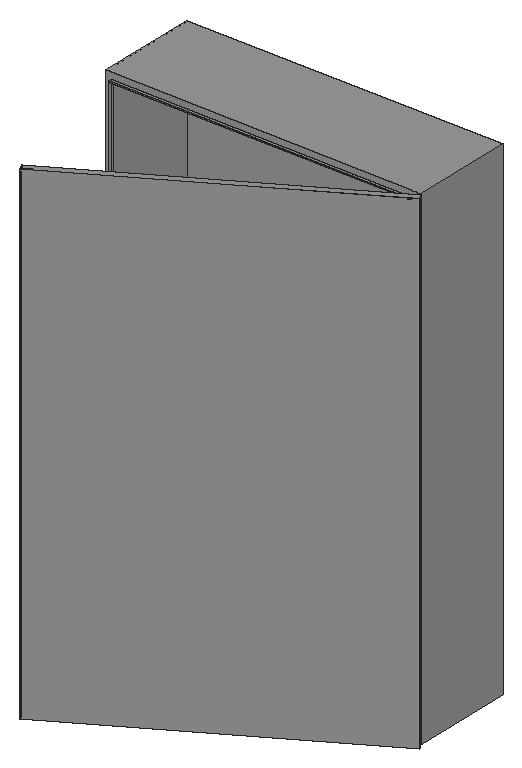
Revit family "Hager-Univers-IP55-D275-H1250-Cl.II-Steel_encl-NoHosted-AT-de", category Equipement électrique, Revit 2020
Family settings
  Configuration du panneau = Deux colonnes, circuits au sein
  Cote de connecteur circulaire = Utiliser le diamètre
  Type d'élément = Tableau de raccordement
  Basée sur le plan de construction = Oui
  Toujours verticalement = Oui
  Couper avec des vides une fois chargée = Non
  Partagée = Non
  Point de calcul de pièce = Non
Parameters (values of type "Aufputz IP55 B800 H1250 T275  - FR83S")
  Width Control [instance] = if([EF000008 - Breite] > Min Width, [EF000008 - Breite], Min Width)  # 800 mm
  Commentaires du type = [HG000003 - Bereich]  # "Univers"
  Thickness Door [instance] = if([EF009171 - Materialstärke Tür/Deckel] > 3 mm, 3 mm, [EF009171 - Materialstärke Tür/Deckel])  # 1.5 mm
  Seal Frame Offset [instance] = 17 mm  # constant formula
  Plinth Visibility [instance] = [HG000027 - Sockelhöhe] > 0 mm  # no
  Min Width [instance] = 100 mm  # constant formula
  Min Depth [instance] = (2 * [EF009170 - Materialstärke Gehäuse]) + 1 mm  # 4 mm
  Min Height [instance] = 100 mm  # constant formula
  Internal Frame Depth [instance] = (Door System Depth * 0.5)  # 9 mm
  Panel Name [instance] = ""  # (empty or 0)
  Model = ""
  HG000027 - Sockelhöhe = 0 mm
  HG000026 - Stehend auf dem Boden = no
  HG000024 - Höhe des unteren Teils = 600 mm
  HG000023 - Gehäuse mit doppeltem Querschnitt = no
  HG000016 - 3D-Türsichtbarkeit [instance] = yes
  HG000015 - Sichtbarkeit der Türöffnung [instance] = no
  HG000014 - Tür rechts [instance] = yes
  HG000013 - Tür links [instance] = not([HG000014 - Tür rechts])  # no
  HG000012 - Türschwenkwinkel [instance] = 30.00°
  HG000010 - Asymmetrische Türen = no
  HG000009 - Doppelflügeligen Tür = no
  HG000006 - Unterputz = no
  HG000004 - Herstellerreferenz = "FR83S"
  HG000003 - Bereich = "Univers"
  HG000002 - Mit tür = yes
  Frame Offset Bottom [instance] = 10 mm  # constant formula
  Frame Offset [instance] = 15 mm  # constant formula
  EF015940 - Deckel mit Überdruckentlastung = no
  EF011959 - Schutzart (NEMA) = ""
  EF009554 - Anzahl der Öffnungen für Flanschplatten = 6
  EF009212 - Ausführung Deckel = "EV000116 - geschlossen"
  EF009171 - Materialstärke Tür/Deckel = 1.5 mm
  EF009170 - Materialstärke Gehäuse = 1.5 mm
  EF008873 - Nennstrom (In) = 800 A
  EF007800 - Geeignet für Blitzschutz = no
  EF006306 - Mit Schloss = no
  EF006244 - Transparenter Deckel/Tür = no
  EF005474 - Schutzart (IP) = "EV006420 - IP55"
  EF004464 - Art der Tür = "EV002646 - Einzel"
  EF004427 - Anzahl der Module = 288
  EF004293 - Schlagfestigkeit = "EV008784 - IK10"
  EF003532 - Geeignet für Außengebrauch = no
  EF002950 - Breite in Teilungseinheiten = 24
  EF001613 - Funktionserhalt = "EV000494 - ohne"
  EF001596 - Werkstoff des Gehäuses = "EV000179 - Stahl"
  EF001131 - Innentiefe = 275 mm
  EF001088 - Anbaumöglichkeit = yes
  EF000437 - Anzahl der Leitungseinführungen = 6
  EF000339 - Art der Abdeckung = "EV004216 - Tür"
  EF000266 - Anzahl der Reihen = 8
  EF000218 - Einbautiefe = 0 mm
  EF000118 - Mit Montageplatte = no
  EF000116 - RAL-Nummer = "7035"
  EF000049 - Tiefe = 275 mm
  EF000040 - Höhe = 1250 mm
  EF000008 - Breite = 800 mm
  EF000007 - Farbe = "EV000270 - grau"
  EF000003 - Montageart = "EV000384 - Aufputz"
  Door System Leaf Tolerance [instance] = 1.5 mm  # constant formula
  Door System Depth [instance] = 18 mm  # constant formula
  Door Height [instance] = Height Control - [HG000027 - Sockelhöhe]  # 1250 mm
  Description = ""
  Default Elevation = 1219.2 mm
  Connector Offset [instance] = Height Control / 2  # 625 mm
  Fabricant = "Hager"  # constant formula
  Height Control [instance] = if([EF000040 - Höhe] > Min Height, [EF000040 - Höhe], Min Height)  # 1250 mm
  Depth Control [instance] = if([EF000049 - Tiefe] > Min Depth, [EF000049 - Tiefe], Min Depth)  # 275 mm
  Bottom Top Plate Trim [instance] = 1.5 mm  # constant formula
  Plinth height Ctrl [instance] = if([HG000027 - Sockelhöhe] > 0 mm, [HG000027 - Sockelhöhe], 12 mm)  # 12 mm
Types (5, lengths in mm): name | Width Control | HG000010 - Asymmetrische Türen | HG000009 - Doppelflügeligen Tür | HG000004 - Herstellerreferenz | EF009554 - Anzahl der Öffnungen für Flanschplatten | EF004464 - Art der Tür | EF004427 - Anzahl der Module | EF000437 - Anzahl der Leitungseinführungen | EF000008 - Breite
  Aufputz IP55 B1050 H1250 T275  - FR84S | 1050 | no | yes | "FR84S" | 8 | "EV003602 - Doppel" | 384 | 8 | 1050
  Aufputz IP55 B1300 H1250 T275  - FR85S | 1300 | yes | yes | "FR85S" | 10 | "EV003602 - Doppel" | 480 | 10 | 1300
  Aufputz IP55 B300 H1250 T275  - FR81S | 300 | no | no | "FR81S" | 2 | "EV002646 - Einzel" | 96 | 2 | 300
  Aufputz IP55 B550 H1250 T275  - FR82S | 550 | no | no | "FR82S" | 4 | "EV002646 - Einzel" | 192 | 4 | 550
  Aufputz IP55 B800 H1250 T275  - FR83S | 800 | no | no | "FR83S" | 6 | "EV002646 - Einzel" | 288 | 6 | 800
Reference planes
  plane 1 "Center (Front/Back)": y = 0
  plane 2: z = 0
  plane 3 "Center (Left/Right)": x = 0
  plane 4: y = 0
  plane 5: y = 0
  plane 6: z = 0
  plane 7: x = -400
  plane 8: x = 400
  plane 9: x = 398.5
  plane 10: x = -398.5
  plane 11: z = 0
  plane 12: z = 1.5
  plane 13: y = -275
  plane 14: y = -1.5
  plane 15: x = 0
  plane 16: y = -257
  plane 17: y = -273.5
  plane 18: y = -255.5
  plane 19: x = -383.5
  plane 20: x = 383.5
  plane 21: z = 11.5
  plane 22: x = -383
  plane 23: x = 383
  plane 24: z = 0
  plane 25: z = 1250
  plane 26: z = 1250
  plane 27: z = 1233.5
  plane 28: z = 1248.5
Forms (mm)
  Extrusion 1, solid, material "Hager_Steel_RAL7035_Light_Grey", detail levels medium+fine
    sketch origin (-208.679, -4572, 0) x (-1, 0, 0) y (0, -1, 0)
      loop
        line (191.321, -4315) -> (-608.679, -4315) -> (-608.679, -4572) -> (191.321, -4572) -> (191.321, -4315)
    from 0 to 1250
  Extrusion 2, void
    sketch origin (-350.771, -275, 1219.2) x (1, 0, 0) y (0, 0, 1)
      loop
        line (-47.729, 29.3) -> (-47.729, -1217.7) -> (749.271, -1217.7) -> (749.271, 29.3) -> (-47.729, 29.3)
    from -19.5 to -273.5
  Extrusion 3, void
    sketch origin (-290.084, -257, 1219.2) x (1, 0, 0) y (0, 0, 1)
      loop
        line (-93.416, -1207.7) -> (673.584, -1207.7) -> (673.584, 14.3) -> (-93.416, 14.3) -> (-93.416, -1207.7)
    from 0 to -1.5
  Extrusion 4, solid, material "Hager_Steel_RAL7035_Light_Grey", visible <- "Plinth Visibility", detail levels medium+fine
    sketch origin (0, 0, 0) x (1, 0, 0) y (0, 1, 0)
      loop
        line (-400, 0) -> (-400, -257) -> (400, -257) -> (400, 0) -> (-400, 0)
    from 0 to 12 <- "Plinth height Ctrl"
  Extrusion 5, solid, material "Hager_Steel_RAL7035_Light_Grey", detail levels coarse
    sketch origin (0, 0, 0) x (1, 0, 0) y (0, 1, 0)
      loop
        line (-400, 0) -> (-400, -275) -> (400, -275) -> (400, 0) -> (-400, 0)
    from 0 to 1250 <- "Height Control"
  Sweep 6, void
    path in 3D
      loop
        line (-400, -257, 12) -> (400, -257, 12) -> (400, 0, 12) -> (-400, 0, 12) -> (-400, -257, 12)
    profile origin (-400, -128.5, 12) x (1, 0, 0) y (0, 0, 1)
      loop
        line (0, 0) -> (0, -1.5) -> (1.5, -1.5)
        arc (1.5, -1.5) -> (1.061, -0.439) -> (0, 0) r 1.5
  Extrusion 7, solid, material "Hager_Steel_RAL7035_Light_Grey", detail levels fine
    sketch origin (-400, -257, 0) x (1, 0, 0) y (0, 0, 1)
      loop
        line (16.5, 11.5) -> (783.5, 11.5) -> (783.5, 1233.5) -> (16.5, 1233.5) -> (16.5, 11.5)
      loop
        line (15, 10) -> (785, 10) -> (785, 1235) -> (15, 1235) -> (15, 10)
    from 0 to 9 <- "Internal Frame Depth"
Cuts and joins
  Extrusion 2, Extrusion 3 cuts Extrusion 1
  Sweep 6 cuts Extrusion 4
Lines and regions (mm)
  Masking region 1
    outline origin (0, 0, 0) x (1, 0, 0) y (0, 1, 0)
      loop
        line (-400, 0) -> (-400, -275) -> (400, -275) -> (400, 0) -> (-400, 0)
  Masking region 2, detail levels coarse
    outline origin (-290.084, -257, 1219.2) x (-1, 0, 0) y (0, 0, 1)
      loop
        line (-690.084, -1219.2) -> (109.916, -1219.2) -> (109.916, 30.8) -> (-690.084, 30.8) -> (-690.084, -1219.2)
  Masking region 3, detail levels coarse
    outline origin (0, 0, 0) x (0, 1, 0) y (0, 0, 1)
      loop
        line (0, 0) -> (0, 1250) -> (-275, 1250) -> (-275, 0) -> (0, 0)
  Masking region 4, visible <- "Plinth Visibility", detail levels medium+fine
    outline origin (0, 0, 0) x (0, 1, 0) y (0, 0, 1)
      loop
        line (-1.5, 12) -> (-255.5, 12)
        arc (-255.5, 12) -> (-255.939, 10.939) -> (-257, 10.5) r 1.5
        line (-257, 10.5) -> (-257, 0) -> (0, 0) -> (0, 10.5)
        arc (0, 10.5) -> (-1.061, 10.939) -> (-1.5, 12) r 1.5
  Masking region 5, detail levels medium+fine
    outline origin (0, 0, 594.038) x (0, 1, 0) y (0, 0, 1)
      loop
        line (0, -594.038) -> (0, 655.962) -> (-257, 655.962) -> (-257, -594.038) -> (0, -594.038)
  Masking region 6, detail levels medium+fine
    outline origin (-359.7, -257, 1211.883) x (-1, 0, 0) y (0, 0, 1)
      loop
        line (-759.7, -1211.883) -> (40.3, -1211.883) -> (40.3, 38.117) -> (-759.7, 38.117) -> (-759.7, -1211.883)
  Masking region 7, visible <- "Plinth Visibility", detail levels medium+fine
    outline origin (-320.334, -257, 1041.368) x (-1, 0, 0) y (0, 0, 1)
      loop
        line (-720.334, -1041.368) -> (79.666, -1041.368) -> (79.666, -1030.868)
        arc (79.666, -1030.868) -> (78.606, -1030.429) -> (78.166, -1029.368) r 1.5
        line (78.166, -1029.368) -> (-718.834, -1029.368)
        arc (-718.834, -1029.368) -> (-719.273, -1030.429) -> (-720.334, -1030.868) r 1.5
        line (-720.334, -1030.868) -> (-720.334, -1041.368)
  sketch lines
    curve 1: line (-400, 0, 12) -> (-400, -257, 12)
    curve 2: line (-400, -257, 12) -> (400, -257, 12)
    curve 3: line (400, 0, 12) -> (-400, 0, 12)
    curve 4: line (400, -257, 12) -> (400, 0, 12)
Dimensions and locks
  locked: plane 1 "Center (Front/Back)" to plane 5
  "EF009170 - Materialstärke Gehäuse": plane 7 to plane 10
  "EF009170 - Materialstärke Gehäuse": plane 8 to plane 9
  equal spacing: plane 7, plane 3 "Center (Left/Right)", plane 8
  "Width Control": plane 7 to plane 8
  "Depth Control": plane 4 to plane 13
  "EF009170 - Materialstärke Gehäuse": plane 4 to plane 14
  "Height Control": plane 25 to level
  "HG000027 - Sockelhöhe": plane 11 to level
  "EF009170 - Materialstärke Gehäuse": plane 12 to plane 11
  "EF009170 - Materialstärke Gehäuse": plane 17 to plane 13
  "EF009170 - Materialstärke Gehäuse": plane 18 to plane 16
  "Frame Offset Bottom": plane 21 to plane 12
  "Frame Offset": plane 10 to plane 19
  "Frame Offset": plane 9 to plane 20
  "Door System Depth": plane 16 to plane 13
  "Seal Frame Offset": plane 7 to plane 22
  "Seal Frame Offset": plane 8 to plane 23
  "EF009170 - Materialstärke Gehäuse": plane 26 to plane 28
  "Frame Offset": plane 28 to plane 27
  "Connector Offset": plane 2 to connector elem
  "Bottom Top Plate Trim": profile plane to Sweep 6 sketch curve
  "Bottom Top Plate Trim": Sweep 6 sketch curve to Sweep 6 sketch curve
  "Plinth height Ctrl": Masking region 4 sketch curve to level
  "Plinth height Ctrl": Masking region 7 sketch curve to level
  "Thickness Door": Extrusion 7 sketch curve to Extrusion 7 sketch curve  (x4)
  "Bottom Top Plate Trim": radius of Sweep 6 sketch curve
  "Bottom Top Plate Trim": radius of Masking region 4 sketch curve  (x2)
  "Bottom Top Plate Trim": radius of Masking region 7 sketch curve  (x2)
  aligned and locked: Extrusion 2 sketch curve to plane 12
  aligned and locked: Extrusion 2 sketch curve to plane 9
  aligned and locked: Extrusion 2 sketch curve to plane 10
  aligned and locked: Extrusion 2 to plane 14
  aligned and locked: Extrusion 1 sketch curve to plane 4
  aligned and locked: plane 8 to Extrusion 1 sketch curve
  aligned and locked: plane 7 to Extrusion 1 sketch curve
  aligned and locked: Extrusion 2 to plane 18
  aligned and locked: Extrusion 3 sketch curve to plane 19
  aligned and locked: plane 20 to Extrusion 3 sketch curve
  aligned and locked: Extrusion 3 to Extrusion 2
  aligned and locked: Extrusion 3 sketch curve to plane 21
  aligned and locked: plane 3 "Center (Left/Right)" to nested 1
  aligned and locked: Extrusion 1 sketch curve to plane 16
  aligned and locked: Extrusion 4 sketch curve to cut or joined group of Extrusion 1, Extrusion 2, Extrusion 3
  aligned and locked: Masking region 1 sketch curve to plane 7
  aligned and locked: Masking region 1 sketch curve to plane 5
  aligned and locked: Masking region 1 sketch curve to plane 8
  aligned and locked: Masking region 2 sketch curve to level
  aligned and locked: level to Masking region 3 sketch curve
  aligned and locked: plane 1 "Center (Front/Back)" to Masking region 3 sketch curve
  aligned and locked: plane 13 to Masking region 3 sketch curve
  aligned and locked: plane 5 to Masking region 4 sketch curve
  aligned and locked: Masking region 2 sketch curve to plane 8
  aligned and locked: Masking region 2 sketch curve to plane 7
  aligned and locked: plane 7 to nested 2
  aligned and locked: nested 2 to plane 5
  aligned and locked: plane 5 to Masking region 5 sketch curve
  aligned and locked: plane 26 to Masking region 5 sketch curve
  aligned and locked: Extrusion 5 sketch curve to plane 8
  aligned and locked: Extrusion 5 sketch curve to plane 7
  aligned and locked: Extrusion 5 sketch curve to plane 5
  aligned and locked: Extrusion 3 sketch curve to plane 27
  aligned and locked: Extrusion 2 sketch curve to plane 28
  aligned and locked: Masking region 2 to plane 25
  aligned and locked: Extrusion 4 to plane 16
  aligned and locked: profile plane to Sweep 6 sketch curve
  aligned and locked: Masking region 5 sketch curve to plane 24
  aligned and locked: level to Masking region 4 sketch curve
  aligned and locked: Masking region 1 to plane 13
  aligned and locked: nested 1 to plane 16
  aligned and locked: Masking region 3 to plane 25
  aligned and locked: plane 16 to Masking region 4 sketch curve
  aligned and locked: Masking region 5 sketch curve to plane 16
  aligned and locked: plane 24 to plane 11
  aligned and locked: plane 26 to plane 25
  aligned and locked: plane 26 to cut or joined group of Extrusion 1, Extrusion 2, Extrusion 3
  aligned and locked: nested 1 to plane 24
  aligned and locked: Extrusion 1 to Extrusion 3
  aligned and locked: Masking region 6 sketch curve to plane 8
  aligned and locked: Masking region 6 sketch curve to plane 24
  aligned and locked: Masking region 6 sketch curve to plane 7
  aligned and locked: Masking region 6 sketch curve to plane 26
  aligned and locked: Masking region 7 sketch curve to plane 7
  aligned and locked: level to Masking region 7 sketch curve
  aligned and locked: Masking region 7 sketch curve to plane 8
  aligned and locked: Extrusion 7 sketch curve to cut or joined group of Extrusion 1, Extrusion 2, Extrusion 3  (x4)
Automatic sketch dimensions
  plane 19 to Extrusion 3 sketch curve = 0 mm
  Extrusion 3 sketch curve to plane 20 = 0 mm
  Extrusion 3 sketch curve to plane 21 = 0 mm
  Extrusion 4 sketch curve to plane 7 = 0 mm
  Extrusion 4 sketch curve to plane 8 = 0 mm
  Extrusion 4 sketch curve to plane 16 = 0 mm
  Masking region 1 sketch curve to plane 13 = 0 mm
  Masking region 2 sketch curve to plane 25 = 0 mm
  Masking region 3 sketch curve to plane 25 = 0 mm
  Extrusion 5 sketch curve to plane 13 = 0 mm
  profile plane to Sweep 6 sketch curve = 0 mm
Nested families
  nested 1: "EC000058_Univers_Door" at (0, -257, 0), Double <- "HG000009 - Doppelflügeligen Tür", Transparent <- "EF006244 - Transparenter Deckel/Tür", Angle <- "HG000012 - Türschwenkwinkel", Door_Right <- "HG000014 - Tür rechts", Assymetrical <- "HG000010 - Asymmetrische Türen", Door <- "HG000002 - Mit tür", Width_Ctrl <- "Width Control", 3d_Door <- "HG000016 - 3D-Türsichtbarkeit", Clearance <- "HG000015 - Sichtbarkeit der Türöffnung", Door_Left <- "HG000013 - Tür links", Width <- "Width Control", Door_Depth <- "Door System Depth", Leaf_Tolerance <- "Door System Leaf Tolerance", Height <- "Door Height", Lock_Visibility <- "EF006306 - Mit Schloss", Thickness <- "Thickness Door", type "EC000058_Univers_Door", detail levels medium+fine
    with min_wh 4 mm, Width_Ctrl 800 mm, Width 800 mm, Transparent no, Thickness 1.5 mm, Seal_Material Hager_Rubber, Lock_Visibility no, Lock_Material Hager_Plastic_RAL9005_Jet_Black, Leaf_Width 800 mm, Leaf_Tolerance_External_Sides 0 mm, Leaf_Tolerance 1.5 mm, Leaf_Offset 0 mm, Leaf_Height 1247 mm, Leaf_2_Width 800 mm, Leaf_2_Offset 400 mm, Leaf_1_Width 800 mm, Leaf_1_Offset 400 mm, Height_Ctrl 1250 mm, Height 1250 mm, Glass_Material Hager_Glass, Double_Clearance_Ctrl no, Double no, Door_Right_Ctrl yes, Door_Right yes, Door_Material Hager_Steel_RAL7035_Light_Grey, Door_Left_Ctrl no, Door_Left no, Door_Depth 18 mm, Door yes, Clearance_Material Hager_Clearance, Clearance_Depth 800 mm, Clearance_Ctrl no, Clearance no, Assymetrical no, Angle 30.00°, 3d_Door yes
  nested 2: "Hager_Enclosure_Symbol" at (-400, 0, 0), Height <- "Depth Control", Width <- "Width Control", type "Hager_Enclosure_Symbol"
    with Width_Ctrl 800 mm, Width 800 mm, Height_Ctrl 275 mm, Height 275 mm, A_Width_Int 18.047 mm, A_Width 216.562 mm, A_Height_Ctrl 240.625 mm, A_Height 240.625 mm
Connectors
  electrical at (0, 0, 625)
    settings: on plane 1 "Center (Front/Back)", index 1, voltage 0 V, apparent load 0 VA, apparent load phase1 0 VA, apparent load phase2 0 VA, apparent load phase3 0 VA, power factor 1, load classification "Other", number of poles 1, system type 30, power factor state 1, is connector primary yes, connector utility no, sub classification motor no, connector description ""
Definition of nested family "EC000058_Univers_Door"
  Parameters (values of type "EC000058_Univers_Door")
    min_wh [instance] = (2 * Thickness) + 1 mm  # 11 mm
    Width_Ctrl [instance] = 400 mm
    Width [instance] = 500 mm
    Transparent [instance] = yes
    Thickness [instance] = 5 mm
    Seal_Material [instance] = none
    Lock_Visibility [instance] = yes
    Lock_Material [instance] = none
    Leaf_Width [instance] = if((Width_Ctrl - 2 * Leaf_Tolerance_External_Sides) > 0 mm, (Width_Ctrl - 2 * Leaf_Tolerance_External_Sides), min_wh)  # 400 mm
    Leaf_Tolerance_External_Sides [instance] = 0 mm  # constant formula
    Leaf_Tolerance [instance] = 1.5 mm
    Leaf_Offset [instance] = 0 mm  # constant formula
    Leaf_Height [instance] = if((Height_Ctrl - 2 * Leaf_Tolerance) > 0 mm, (Height_Ctrl - 2 * Leaf_Tolerance), min_wh)  # 497 mm
    Leaf_2_Width [instance] = if(and(and(Double, Assymetrical), Door_Left), (Leaf_Width / 3) - (Leaf_Tolerance / 2), if(and(and(Double, Assymetrical), Door_Right), (Leaf_Width / 3) * 2 - (Leaf_Tolerance / 2), if(and(Double, not(Assymetrical)), (Leaf_Width / 2) - Leaf_Tolerance, Leaf_Width)))  # 400 mm
    Leaf_2_Offset [instance] = if(and(Double, Assymetrical), Leaf_2_Width / 2, if(and(Double, not(Assymetrical)), Leaf_Width / 4, Leaf_Width / 2))  # 200 mm
    Leaf_1_Width [instance] = if(and(and(Double, Assymetrical), Door_Right), (Leaf_Width / 3) - (Leaf_Tolerance / 2), if(and(and(Double, Assymetrical), Door_Left), (Width / 3) * 2 - (Leaf_Tolerance / 2), if(and(Double, not(Assymetrical)), (Leaf_Width / 2) - Leaf_Tolerance, Leaf_Width)))  # 400 mm
    Leaf_1_Offset [instance] = if(and(Double, Assymetrical), Leaf_1_Width / 2, if(and(Double, not(Assymetrical)), Leaf_Width / 4, Leaf_Width / 2))  # 200 mm
    Height_Ctrl [instance] = if(Height > min_wh, Height, min_wh)  # 500 mm
    Height [instance] = 500 mm
    Glass_Material [instance] = none
    Double_Clearance_Ctrl [instance] = and(Double, Clearance)  # no
    Double [instance] = no
    Door_Right_Ctrl [instance] = and(or(Door_Right, Double), Door)  # yes
    Door_Right [instance] = yes
    Door_Material [instance] = none
    Door_Left_Ctrl [instance] = and(or(Door_Left, Double), Door)  # no
    Door_Left [instance] = no
    Door_Depth [instance] = 30 mm
    Door [instance] = yes
    Default Elevation = 1219.2 mm
    Clearance_Material [instance] = none
    Clearance_Depth [instance] = if(Leaf_1_Width > Leaf_2_Width, Leaf_1_Width, Leaf_2_Width)  # 400 mm
    Clearance_Ctrl [instance] = and(not(Double), Clearance)  # yes
    Clearance [instance] = yes
    Assymetrical [instance] = yes
    Angle [instance] = 30.00°
    3d_Door [instance] = yes
  Reference planes
    plane 1 "Center (Front/Back)": y = 0
    plane 2 "Bottom": z = 0
    plane 3 "Center (Left/Right)": x = 0
    plane 4: z = 500
    plane 5: x = -200
    plane 6: x = 200
    plane 7: z = 500
    plane 8: x = -200
    plane 9: z = 0
    plane 10: x = 200
    plane 11: y = 0
    plane 12: z = 1.5
    plane 13: x = -600
    plane 14: y = -400
    plane 15: x = 600
    plane 16: x = 0
    plane 17: x = 0
    plane 18: x = -200
    plane 19: x = 200
    plane 20: z = 498.5
  Forms (mm)
    Extrusion 1, solid, material <- "Clearance_Material", visible <- "Double_Clearance_Ctrl"
      sketch origin (1200, 0, 0) x (1, 0, 0) y (0, 0, -1)
        loop
          line (-1800, -498.5) -> (-600, -498.5) -> (-600, 0) -> (-1800, 0) -> (-1800, -498.5)
      from 0 to -400
  Dimensions and locks
    equal spacing: plane 5, plane 3 "Center (Left/Right)", plane 6
    "Width_Ctrl": plane 5 to plane 6
    "Leaf_Offset": plane 5 to plane 8
    "Leaf_Offset": plane 6 to plane 10
    "Leaf_Offset": plane 9 to level
    "Leaf_Offset": plane 4 to plane 7
    "Height_Ctrl": plane 4 to level
    "Leaf_Tolerance": plane 12 to plane 9
    locked: plane 11 to plane 1 "Center (Front/Back)"
    "Leaf_1_Offset": plane 18 to plane 16
    "Leaf_2_Offset": plane 17 to plane 19
    "Leaf_1_Width": plane 13 to plane 8
    "Leaf_2_Width": plane 10 to plane 15
    "Clearance_Depth": plane 14 to plane 1 "Center (Front/Back)"
    "Leaf_Tolerance_External_Sides": plane 8 to plane 18
    "Leaf_Tolerance_External_Sides": plane 19 to plane 10
    "Leaf_Tolerance": plane 7 to plane 20
    aligned and locked: level to plane 2 "Bottom"
    aligned and locked: nested 1 to plane 16
    aligned and locked: nested 2 to plane 17
    aligned and locked: Extrusion 1 to plane 13
    aligned and locked: plane 15 to Extrusion 1
    aligned and locked: Extrusion 1 to plane 14
    aligned and locked: plane 12 to nested 1
    aligned and locked: nested 2 to plane 12
    aligned and locked: Extrusion 1 to plane 11
    aligned and locked: plane 20 to Extrusion 1
    aligned and locked: nested 2 to plane 11
    aligned and locked: nested 1 to plane 11
  Automatic sketch dimensions
    Extrusion 1 sketch curve to level = 0 mm
    plane 5 to Extrusion 1 sketch curve = 400 mm
    plane 6 to Extrusion 1 sketch curve = 400 mm
    Extrusion 1 sketch curve to plane 4 = 1.5 mm
  Nested families
    nested 1: "EC000058_Univers_Door_Leaf" at (0, 0, 1.5), Width <- "Leaf_1_Width", visible <- "Door_Left_Ctrl", Leaf_Height <- "Leaf_Height", Angle <- "Angle", 3d_Door <- "3d_Door", Transparent <- "Transparent", Clearance Material <- "Clearance_Material", Clearance <- "Clearance_Ctrl", Door_Material <- "Door_Material", Glass_Material <- "Glass_Material", Door_Depth <- "Door_Depth", Lock_Material <- "Lock_Material", Seal_Material <- "Seal_Material", Lock_Visibility <- "Lock_Visibility", Thickness <- "Thickness", type "EC000058_Univers_Door_Leaf"
      with Width 400 mm, Transparent_Glass_Offset 30 mm, Transparent_Ctrl yes, Transparent yes, Thickness 5 mm, Standard no, Seal_Material none, Seal_D2 8 mm, Seal_D1 1 mm, Offset_Internal_Frame 10 mm, Lock_Width 20 mm, Lock_Visibility_3d yes, Lock_Visibility yes, Lock_Thickness_3 3 mm, Lock_Thickness_2 1 mm, Lock_Thickness_1 3 mm, Lock_Radius_Offset_2 16 mm, Lock_Radius_Offset_1 15 mm, Lock_Radius_2 5 mm, Lock_Radius 6 mm, Lock_Offset 5 mm, Lock_Material none, Lock_Height 80 mm, Lock_Cover_Top_Offset_2d 17 mm, Lock_Cover_Height -65 mm, Leaf_Height 497 mm, Internal_Seal_Thickness 8 mm, Internal_Seal_Depth_2 4.5 mm, Internal_Frame_Depth 25 mm, Glass_Thickness -1 mm, Glass_Offset -2 mm, Glass_Material none, Door_Material none, Door_Depth 30 mm, Clearance Material none, Clearance yes, Angle_Ctrl 30.00°, Angle 30.00°, 3d_Door yes
    nested 2: "EC000058_Univers_Door_Leaf" at (0, 0, 1.5) x (-1, 0, 0) z (0, 0, 1), Width <- "Leaf_2_Width", visible <- "Door_Right_Ctrl", Leaf_Height <- "Leaf_Height", Angle <- "Angle", 3d_Door <- "3d_Door", Transparent <- "Transparent", Clearance Material <- "Clearance_Material", Clearance <- "Clearance_Ctrl", Door_Material <- "Door_Material", Glass_Material <- "Glass_Material", Door_Depth <- "Door_Depth", Lock_Material <- "Lock_Material", Seal_Material <- "Seal_Material", Lock_Visibility <- "Lock_Visibility", Thickness <- "Thickness", type "EC000058_Univers_Door_Leaf"
      with Width 400 mm, Transparent_Glass_Offset 30 mm, Transparent_Ctrl yes, Transparent yes, Thickness 5 mm, Standard no, Seal_Material none, Seal_D2 8 mm, Seal_D1 1 mm, Offset_Internal_Frame 10 mm, Lock_Width 20 mm, Lock_Visibility_3d yes, Lock_Visibility yes, Lock_Thickness_3 3 mm, Lock_Thickness_2 1 mm, Lock_Thickness_1 3 mm, Lock_Radius_Offset_2 16 mm, Lock_Radius_Offset_1 15 mm, Lock_Radius_2 5 mm, Lock_Radius 6 mm, Lock_Offset 5 mm, Lock_Material none, Lock_Height 80 mm, Lock_Cover_Top_Offset_2d 17 mm, Lock_Cover_Height -65 mm, Leaf_Height 497 mm, Internal_Seal_Thickness 8 mm, Internal_Seal_Depth_2 4.5 mm, Internal_Frame_Depth 25 mm, Glass_Thickness -1 mm, Glass_Offset -2 mm, Glass_Material none, Door_Material none, Door_Depth 30 mm, Clearance Material none, Clearance yes, Angle_Ctrl 30.00°, Angle 30.00°, 3d_Door yes
  Definition of nested family "EC000058_Univers_Door_Leaf"
    Parameters (values of type "EC000058_Univers_Door_Leaf")
      Width [instance] = 2000 mm
      Transparent_Glass_Offset [instance] = 30 mm
      Transparent_Ctrl [instance] = and(Transparent, [3d_Door])  # yes
      Transparent [instance] = yes
      Thickness [instance] = 5 mm
      Standard [instance] = and(not(Transparent), [3d_Door])  # no
      Seal_Material [instance] = none
      Seal_D2 [instance] = 8 mm  # constant formula
      Seal_D1 [instance] = 1 mm  # constant formula
      Offset_Internal_Frame [instance] = 10 mm  # constant formula
      Lock_Width [instance] = 20 mm  # constant formula
      Lock_Visibility_3d [instance] = and(Lock_Visibility, [3d_Door])  # yes
      Lock_Visibility [instance] = yes
      Lock_Thickness_3 [instance] = 3 mm  # constant formula
      Lock_Thickness_2 [instance] = 1 mm  # constant formula
      Lock_Thickness_1 [instance] = 3 mm  # constant formula
      Lock_Radius_Offset_2 [instance] = Lock_Radius_Offset_1 + 1 mm  # 16 mm
      Lock_Radius_Offset_1 [instance] = 15 mm  # constant formula
      Lock_Radius_2 [instance] = Lock_Radius - 1 mm  # 5 mm
      Lock_Radius [instance] = 6 mm  # constant formula
      Lock_Offset [instance] = 5 mm  # constant formula
      Lock_Material [instance] = none
      Lock_Height [instance] = 80 mm  # constant formula
      Lock_Cover_Top_Offset_2d [instance] = Lock_Radius_Offset_2 + 1 mm  # 17 mm
      Lock_Cover_Height [instance] = -(Lock_Height - Lock_Radius_Offset_1)  # -65 mm
      Leaf_Height [instance] = 2720.336 mm
      Internal_Seal_Thickness [instance] = 8 mm  # constant formula
      Internal_Seal_Depth_2 [instance] = 4.5 mm  # constant formula
      Internal_Frame_Depth [instance] = if(Door_Depth - Thickness > 5 mm, Door_Depth - Thickness, 5 mm)  # 25 mm
      Glass_Thickness [instance] = if(Thickness > 15 mm, Glass_Offset + 10 mm, -1 mm)  # -1 mm
      Glass_Offset [instance] = if(Thickness > 15 mm, -(Thickness + 10 mm) / 2, -2 mm)  # -2 mm
      Glass_Material [instance] = none
      Door_Material [instance] = none
      Door_Depth [instance] = 30 mm
      Default Elevation = 0 mm
      Clearance Material [instance] = none
      Clearance [instance] = yes
      Angle_Ctrl [instance] = if(Angle > 180.00°, 180.00°, Angle)  # 90.00°
      Angle [instance] = 90.00°
      3d_Door [instance] = yes
    Reference planes
      plane 1 "Center (Front/Back)": y = 0
      plane 2: z = 0
      plane 3 "Center (Left/Right)": x = 0
      plane 4: y = 2000
      plane 5: x = -1000
      plane 6: x = 1000
      plane 7: x = -3000
      plane 8: z = 2720.336
      plane 9: z = 30
      plane 10: z = 2690.336
      plane 11: x = 970
      plane 12: x = -970
      plane 13: y = -3
      plane 14: z = 107.833
      plane 15: y = -5
      plane 16: y = -223.314
      plane 17: x = -1000
      plane 18: z = 1360.168
      plane 19: y = 30
    Forms (mm)
      Extrusion 1, solid, material <- "Clearance Material", visible <- "Clearance"
        sketch origin (0, 0, 0) x (1, 0, 0) y (0, 0, 1)
          loop
            line (-3000, 2720.336) -> (-3000, 0) -> (1000, 0) -> (1000, 2720.336) -> (-3000, 2720.336)
        from 0 to -2000
      Extrusion 2, solid, material <- "Door_Material", visible <- "Standard", detail levels medium+fine
        sketch origin (-1000, 0, 0) x (0, 1, 0) y (-1, 0, 0)
          loop
            line (0, 30) -> (0, 25) -> (2000, 25) -> (2000, 30) -> (0, 30)
        from 0 to 2720.336 <- "Leaf_Height"
      Extrusion 3, solid, material <- "Door_Material", visible <- "Transparent_Ctrl", detail levels medium+fine
        sketch origin (-1000, 0, 0) x (0, 1, 0) y (-1, 0, 0)
          loop
            line (0, 25) -> (2000, 25) -> (2000, 30) -> (0, 30) -> (0, 25)
        from 0 to 2720.336 <- "Leaf_Height"
      Extrusion 4, void
        sketch origin (-1025, 2000, 0) x (0, 1, 0) y (0, 0, -1)
          loop
            line (-30, -2690.336) -> (-30, -30) -> (-1970, -30) -> (-1970, -2690.336) -> (-30, -2690.336)
        from 0 to 5 <- "Thickness"
      Sweep 5, solid, material <- "Seal_Material", visible <- "Transparent_Ctrl", detail levels fine
        path in 3D
          loop
            line (-1025, 30, 30) -> (-1025, 30, 2690.336) -> (-1025, 1970, 2690.336) -> (-1025, 1970, 30) -> (-1025, 30, 30)
        profile origin (-1025, 1000, 30) x (1, 0, 0) y (0, 0, 1)
          loop
            line (0, 0) -> (0, -8) -> (1, -8) -> (1, 0) -> (0, 0)
      Extrusion 6, solid, material <- "Glass_Material", visible <- "Transparent_Ctrl", detail levels medium+fine
        sketch origin (-1030, 0, 0) x (0, 1, 0) y (0, 0, -1)
          loop
            line (1970, -2690.336) -> (1970, -30) -> (30, -30) -> (30, -2690.336) -> (1970, -2690.336)
        from -2 <- "Glass_Offset" to -1 <- "Glass_Thickness"
      Extrusion 7, solid, material <- "Door_Material", visible <- "3d_Door", detail levels medium+fine
        sketch origin (-1025, 2000, 0) x (0, -1, 0) y (0, 0, -1)
          loop
            line (0, -2720.336) -> (2000, -2720.336) -> (2000, 0) -> (0, 0) -> (0, -2720.336)
          loop
            line (1995, -5) -> (5, -5) -> (5, -2715.336) -> (1995, -2715.336) -> (1995, -5)
        from 0 to 25 <- "Internal_Frame_Depth"
      Sweep 8, solid, material <- "Seal_Material", visible <- "Transparent_Ctrl", detail levels fine
        path in 3D
          loop
            line (-1025, 0, 0) -> (-1025, 2000, 0) -> (-1025, 2000, 2720.336) -> (-1025, 0, 2720.336) -> (-1025, 0, 0)
        profile origin (-1025, 0, 1360.168) x (1, 0, 0) y (0, 1, 0)
          loop
            line (0, 10) -> (2.975, 10)
            arc (2.975, 10) -> (4.053, 10.447) -> (4.5, 11.525) r 1.525
            line (4.5, 11.525) -> (4.5, 16.527)
            arc (4.5, 16.527) -> (4.069, 17.569) -> (3.027, 18) r 1.473
            line (3.027, 18) -> (0, 18) -> (0, 10)
      Extrusion 9, solid, material <- "Lock_Material", visible <- "Lock_Visibility_3d", detail levels fine
        sketch origin (-1030, 0, 0) x (0, 1, 0) y (0, 0, -1)
          loop
            arc (1993.5, -1400.168) -> (1994.561, -1399.729) -> (1995, -1398.668) r 1.5
            line (1995, -1398.668) -> (1995, -1320.168) -> (1975, -1320.168) -> (1975, -1398.668)
            arc (1975, -1398.668) -> (1975.439, -1399.729) -> (1976.5, -1400.168) r 1.5
            line (1976.5, -1400.168) -> (1993.5, -1400.168)
        from 3 <- "Lock_Thickness_1" to 0
      Blend 10, solid, material <- "Lock_Material", visible <- "Lock_Visibility_3d", detail levels fine
        base sketch origin (-1033, 0, 0) x (0, 1, 0) y (0, 0, -1)
          loop
            line (1975, -1320.168) -> (1975, -1398.668)
            arc (1975, -1398.668) -> (1975.439, -1399.729) -> (1976.5, -1400.168) r 1.5
            line (1976.5, -1400.168) -> (1993.5, -1400.168)
            arc (1993.5, -1400.168) -> (1994.561, -1399.729) -> (1995, -1398.668) r 1.5
            line (1995, -1398.668) -> (1995, -1320.168) -> (1975, -1320.168)
        top sketch origin (-1033, 0, 0) x (0, 1, 0) y (0, 0, -1)
          loop
            line (1976, -1320.168) -> (1976, -1398.668)
            arc (1976, -1398.668) -> (1976.146, -1399.022) -> (1976.5, -1399.168) r 0.5
            line (1976.5, -1399.168) -> (1993.5, -1399.168)
            arc (1993.5, -1399.168) -> (1993.854, -1399.022) -> (1994, -1398.668) r 0.5
            line (1994, -1398.668) -> (1994, -1320.168) -> (1976, -1320.168)
        from 0 to 1 <- "Lock_Thickness_2"
      Blend 11, solid, material <- "Lock_Material", visible <- "Lock_Visibility_3d", detail levels fine
        base sketch origin (-1034, 0, 0) x (0, 1, 0) y (0, 0, -1)
          loop
            line (1978, -1320.168) -> (1978, -1384.168)
            arc (1978, -1384.168) -> (1985, -1391.168) -> (1992, -1384.168) r 7
            line (1992, -1384.168) -> (1992, -1320.168) -> (1978, -1320.168)
        top sketch origin (-1034, 0, 0) x (0, 1, 0) y (0, 0, -1)
          loop
            line (1991, -1320.168) -> (1979, -1320.168) -> (1979, -1383.168)
            arc (1979, -1383.168) -> (1985, -1389.168) -> (1991, -1383.168) r 6
            line (1991, -1383.168) -> (1991, -1320.168)
        from 0 to 3 <- "Lock_Thickness_3"
      Extrusion 12, solid, material <- "Lock_Material", visible <- "Lock_Visibility_3d", detail levels fine
        sketch origin (-1030, 1975, 1320.168) x (1, 0, 0) y (0, -1, 0)
          loop
            line (-7, -19) -> (-7, -1) -> (0, -1) -> (0, 0) -> (-8, 0) -> (-8, -20) -> (0, -20) -> (0, -19) -> (-7, -19)
        from 0 to -65 <- "Lock_Cover_Height"
      Extrusion 13, void
        sketch origin (-1038, 1995, 1320.168) x (-1, 0, 0) y (0, 0, -1)
          loop
            line (-5, -65) -> (0, -65) -> (-5, -60) -> (-5, -65)
        from 0 to 20 <- "Lock_Width"
      Extrusion 14, void
        sketch origin (-1038, 1975, 1320.168) x (0, -1, 0) y (0, 0, -1)
          loop
            circle (-10, -15.995) r 6
          loop
            circle (-10, -15.995) r 5
        from 0 to 2
      Extrusion 15, solid, material <- "Lock_Material", visible <- "Lock_Visibility_3d", detail levels medium
        sketch origin (-1030, 0, 0) x (0, 1, 0) y (0, 0, -1)
          loop
            arc (1993.5, -1400.168) -> (1994.561, -1399.729) -> (1995, -1398.668) r 1.5
            line (1995, -1398.668) -> (1995, -1320.168) -> (1975, -1320.168) -> (1975, -1398.668)
            arc (1975, -1398.668) -> (1975.439, -1399.729) -> (1976.5, -1400.168) r 1.5
            line (1976.5, -1400.168) -> (1993.5, -1400.168)
        from 8 to 0
    Cuts and joins
      Extrusion 4 cuts Extrusion 3
      Extrusion 13, Extrusion 14 cuts Extrusion 9
      Extrusion 14 cuts Blend 11
      Extrusion 13, Extrusion 14 cuts Extrusion 12
      joined: Extrusion 9, Blend 10, Blend 11, Extrusion 12
      Extrusion 14 cuts Extrusion 15
    Lines and regions (mm)
      Masking region 1, visible <- "Lock_Visibility", detail levels fine
        outline origin (0, 0, 0) x (0, 1, 0) y (0, 0, 1)
          loop
            line (30, 1320.168) -> (33, 1320.168) -> (33, 1400.168) -> (30, 1400.168) -> (30, 1320.168)
      Masking region 2, visible <- "Lock_Visibility", detail levels fine
        outline origin (0, 3.143, 0) x (0, 1, 0) y (0, 0, 1)
          loop
            line (29.857, 1354.168) -> (30.857, 1354.168) -> (30.857, 1366.168) -> (29.857, 1366.168) -> (29.857, 1354.168)
      Masking region 3, detail levels medium+fine
        outline origin (0, 0, 0) x (0, 1, 0) y (0, 0, 1)
          loop
            line (0, 0) -> (30, 0) -> (30, 2720.336) -> (0, 2720.336) -> (0, 0)
      Masking region 4, detail levels medium+fine
        outline origin (0, 0, 0) x (1, 0, 0) y (0, 0, 1)
          loop
            line (-1000, 2720.336) -> (-1000, 0) -> (1000, 0) -> (1000, 2720.336) -> (-1000, 2720.336)
      Masking region 5, visible <- "Lock_Visibility", detail levels fine
        outline origin (-47.116, 0, 0) x (1, 0, 0) y (0, 0, 1)
          loop
            arc (1024.616, 1399.168) -> (1023.556, 1398.729) -> (1023.116, 1397.668) r 1.5
            line (1023.116, 1397.668) -> (1023.116, 1320.168) -> (1041.116, 1320.168) -> (1041.116, 1397.668)
            arc (1041.116, 1397.668) -> (1040.677, 1398.729) -> (1039.616, 1399.168) r 1.5
            line (1039.616, 1399.168) -> (1024.616, 1399.168)
      Masking region 6, visible <- "Lock_Visibility", detail levels medium+fine
        outline origin (-25, 0, 0) x (1, 0, 0) y (0, 0, 1)
          loop
            arc (1001.5, 1400.168) -> (1000.439, 1399.729) -> (1000, 1398.668) r 1.5
            line (1000, 1398.668) -> (1000, 1320.168) -> (1020, 1320.168) -> (1020, 1398.668)
            arc (1020, 1398.668) -> (1019.561, 1399.729) -> (1018.5, 1400.168) r 1.5
            line (1018.5, 1400.168) -> (1001.5, 1400.168)
      Masking region 7, visible <- "Lock_Visibility", detail levels fine
        outline origin (-73.735, 0, 0) x (1, 0, 0) y (0, 0, 1)
          loop
            line (1051.735, 1382.168) -> (1065.735, 1382.168) -> (1065.735, 1384.168)
            arc (1065.735, 1384.168) -> (1058.735, 1391.168) -> (1051.735, 1384.168) r 7
            line (1051.735, 1384.168) -> (1051.735, 1382.168)
      Masking region 8, visible <- "Lock_Visibility", detail levels fine
        outline origin (-73.735, 0, 0) x (1, 0, 0) y (0, 0, 1)
          loop
            line (1052.735, 1382.168) -> (1064.735, 1382.168) -> (1064.735, 1383.168)
            arc (1064.735, 1383.168) -> (1058.735, 1389.168) -> (1052.735, 1383.168) r 6
            line (1052.735, 1383.168) -> (1052.735, 1382.168)
      Masking region 9, visible <- "Lock_Visibility", detail levels fine
        outline origin (-25, 0, 0) x (1, 0, 0) y (0, 0, 1)
          loop
            line (1020, 1320.168) -> (1020, 1382.168) -> (1000, 1382.168) -> (1000, 1320.168) -> (1020, 1320.168)
      Masking region 10, detail levels medium+fine
        outline origin (0, 0, 0) x (1, 0, 0) y (0, 0, 1)
          loop
            circle (985, 1335.144) r 6
      Masking region 11, detail levels fine
        outline origin (0, 0, 0) x (1, 0, 0) y (0, 0, 1)
          loop
            circle (985, 1335.144) r 5
      Masking region 12, visible <- "Lock_Visibility", detail levels fine
        outline origin (0, 12.767, 0) x (0, 1, 0) y (0, 0, 1)
          loop
            line (20.233, 1320.168) -> (21.233, 1320.168) -> (21.233, 1399.168) -> (20.233, 1400.168) -> (20.233, 1320.168)
      Masking region 13, visible <- "Lock_Visibility", detail levels fine
        outline origin (0, 13.767, -10) x (0, 1, 0) y (0, 0, 1)
          loop
            line (20.233, 1330.168) -> (23.233, 1330.168) -> (23.233, 1399.168) -> (20.233, 1402.168) -> (20.233, 1330.168)
      Masking region 14, visible <- "Lock_Visibility", detail levels fine
        outline origin (0, 12.767, -10) x (0, 1, 0) y (0, 0, 1)
          loop
            line (20.233, 1330.168) -> (25.233, 1330.168) -> (25.233, 1399.305) -> (20.233, 1394.305) -> (20.233, 1330.168)
      Masking region 15, visible <- "Lock_Visibility", detail levels medium
        outline origin (0, 0, 0) x (0, 1, 0) y (0, 0, 1)
          loop
            line (30, 1320.168) -> (38, 1320.168) -> (38, 1400.168) -> (30, 1400.168) -> (30, 1320.168)
      Masking region 16, visible <- "Lock_Visibility", detail levels fine
        outline origin (-1000, 0, 0) x (0, 1, 0) y (-1, 0, 0)
          loop
            line (1975, 30) -> (1995, 30) -> (1995, 38) -> (1975, 38) -> (1975, 30)
          loop
            line (1979, 37) -> (1976, 37) -> (1976, 34) -> (1978, 34) -> (1979, 37)
          loop
            line (1994, 37) -> (1991, 37) -> (1992, 34) -> (1994, 34) -> (1994, 37)
      Masking region 17, visible <- "Lock_Visibility", detail levels medium
        outline origin (-1000, 0, 0) x (0, 1, 0) y (-1, 0, 0)
          loop
            line (1975, 30) -> (1995, 30) -> (1995, 38) -> (1975, 38) -> (1975, 30)
      symbolic lines
        curve 1: line (1000, 0, 0) -> (-3000, 0, 0)
        curve 2: arc (1000, 0, 0) -> (-1000, 2000, 0) -> (-3000, 0, 0) r 2000
        curve 4: line (-1030, 0, 0) -> (-1030, 2000, 0)
      reference lines
        curve 3: line (-1000, 0, 0) -> (-1000, 2000, 0)
      symbolic lines, detail levels medium+fine
        curve 5: line (-1030, 2000, 0) -> (-1025, 2000, 0)
        curve 7: line (-1025, 0, 0) -> (-1030, 0, 0)
        curve 8: line (-1025, 0, 0) -> (-1000, 0, 0)
        curve 9: line (-1000, 0, 0) -> (-1000, 2000, 0)
        curve 10: line (-1000, 2000, 0) -> (-1025, 2000, 0)
      symbolic lines, detail levels fine
        curve 6: line (-1025, 2000, 0) -> (-1025, 0, 0)
      sketch lines
        curve 11: line (-1025, 0, 2720.336) -> (-1025, 0, 0)
        curve 12: line (-1025, 2000, 0) -> (-1025, 0, 0)
        curve 13: line (-1025, 2000, 2720.336) -> (-1025, 2000, 0)
        curve 14: line (-1025, 0, 2720.336) -> (-1025, 2000, 2720.336)
        curve 15: line (-1025, 1970, 30) -> (-1025, 30, 30)
        curve 16: line (-1025, 30, 30) -> (-1025, 30, 2690.336)
        curve 17: line (-1025, 1970, 2690.336) -> (-1025, 1970, 30)
        curve 18: line (-1025, 30, 2690.336) -> (-1025, 1970, 2690.336)
      symbolic lines, visible <- "Transparent", detail levels medium+fine
        curve 19: line (-970, 0, 2690.336) -> (970, 0, 2690.336)
        curve 20: line (-970, 0, 30) -> (-970, 0, 2690.336)
        curve 21: line (970, 0, 30) -> (-970, 0, 30)
        curve 22: line (970, 0, 2690.336) -> (970, 0, 30)
    Dimensions and locks
      "Width": plane 1 "Center (Front/Back)" to plane 4
      equal spacing: plane 5, plane 3 "Center (Left/Right)", plane 6
      "Width": plane 5 to plane 6
      "Width": plane 7 to plane 5
      "Leaf_Height": plane 8 to level
      "Width": curve 5 to curve 3
      "Width": curve 3 to curve 3
      plane 8 to plane 10 = 30 mm
      plane 9 to level = 30 mm
      plane 12 to plane 5 = 30 mm
      plane 6 to plane 11 = 30 mm
      Extrusion 1 to Extrusion 4 sketch curve = 30 mm
      "Transparent_Glass_Offset": curve 3 to Extrusion 4 sketch curve
      "Transparent_Glass_Offset": Extrusion 4 sketch curve to cut or joined group of Extrusion 3, Extrusion 4  (x2)
      cut or joined group of Extrusion 3, Extrusion 4 to Extrusion 6 sketch curve = 30 mm
      "Transparent_Glass_Offset": cut or joined group of Extrusion 3, Extrusion 4 to Extrusion 4 sketch curve
      "Thickness": curve 6 to curve 4
      "Thickness": Extrusion 7 sketch curve to Extrusion 7 sketch curve  (x4)
      "Door_Depth": curve 4 to curve 3
      "Offset_Internal_Frame": profile plane to Sweep 8 sketch curve
      "Internal_Seal_Thickness": Sweep 8 sketch curve to Sweep 8 sketch curve
      "Internal_Seal_Depth_2": profile plane to Sweep 8 sketch curve
      "Seal_D1": profile plane to Sweep 5 sketch curve
      "Seal_D2": profile plane to Sweep 5 sketch curve
      "Thickness": Extrusion 2 sketch curve to Extrusion 2 sketch curve
      equal spacing: Extrusion 9 sketch curve, plane 18, Extrusion 9 sketch curve  (x2)
      equal spacing: Masking region 1 sketch curve, plane 18, Masking region 1 sketch curve
      "Lock_Height": Masking region 1 sketch curve to Masking region 1 sketch curve
      "Lock_Radius": Masking region 2 sketch curve to plane 18 to Masking region 2 sketch curve
      Masking region 2 sketch curve to Masking region 1 = 1 mm
      "Door_Depth": plane 19 to plane 1 "Center (Front/Back)"
      "Lock_Thickness_1": Masking region 1 sketch curve to plane 19
      "Lock_Width": Extrusion 9 sketch curve to Extrusion 9 sketch curve
      "Lock_Height": Extrusion 9 sketch curve to Extrusion 9 sketch curve
      "Lock_Offset": cut or joined group of Extrusion 3, Extrusion 4 to Extrusion 9 sketch curve
      equal spacing: plane 8, plane 18, level
      "Lock_Radius_Offset_1": Blend 11 sketch curve to Blend 10
      locked: Blend 10 to Blend 11 sketch curve at 2  (x2)
      locked: var sketch to Blend 11 sketch curve at 1  (x2)
      "Lock_Radius_Offset_2": Blend 11 sketch curve to Blend 10
      locked: Extrusion 12 sketch curve to Extrusion 12 sketch curve at 1  (x3)
      Masking region 6 sketch curve to Masking region 6 sketch curve = 80 mm
      "Lock_Height": Masking region 6 sketch curve to Masking region 6 sketch curve
      "Lock_Width": Masking region 6 sketch curve to Masking region 6 sketch curve
      locked: Masking region 6 to Masking region 5 sketch curve at 1  (x3)
      locked: Masking region 5 to Masking region 7 sketch curve at 2  (x2)
      "Lock_Radius_Offset_1": Masking region 5 to Masking region 7 sketch curve
      "Lock_Radius_Offset_2": Masking region 5 to Masking region 8 sketch curve
      locked: Masking region 7 to Masking region 8 sketch curve at 1  (x2)
      "Lock_Cover_Top_Offset_2d": Masking region 5 to Masking region 9 sketch curve
      equal spacing: Masking region 9, Masking region 10 sketch curve, Masking region 9
      equal spacing: Masking region 9, Masking region 11 sketch curve, Masking region 9
      Extrusion 15 sketch curve to Extrusion 15 sketch curve = 80 mm
      "Lock_Width": Extrusion 15 sketch curve to Extrusion 15 sketch curve
      "Lock_Height": Extrusion 15 sketch curve to Extrusion 15 sketch curve
      equal spacing: Extrusion 15 sketch curve, plane 18, Extrusion 15 sketch curve
      "Lock_Thickness_3": Masking region 13 sketch curve to Masking region 13 sketch curve
      "Lock_Height": Masking region 12 sketch curve to Masking region 12 sketch curve
      locked: Masking region 13 sketch curve to Masking region 1 at 8
      locked: Masking region 14 sketch curve to Masking region 13 at 1
      locked: Masking region 14 sketch curve to Masking region 1 at 10.863
      "Lock_Height": Masking region 15 sketch curve to Masking region 15 sketch curve
      "Lock_Offset": Extrusion 15 sketch curve to cut or joined group of Extrusion 3, Extrusion 4
      "Lock_Offset": plane 6 to Masking region 6 sketch curve
      radius of Sweep 8 sketch curve = 1.525 mm
      radius of Sweep 8 sketch curve = 1.473 mm
      radius of Extrusion 9 sketch curve = 1.5 mm  (x2)
      "Lock_Radius": radius of Extrusion 14 sketch curve
      "Lock_Radius_2": radius of Extrusion 14 sketch curve
      "Lock_Radius": radius of Masking region 10 sketch curve
      "Lock_Radius_2": radius of Masking region 11 sketch curve
      radius of Extrusion 15 sketch curve = 1.5 mm  (x2)
      "Angle_Ctrl": angle plane 1 "Center (Front/Back)" to curve 3
      locked: Masking region 12 sketch curve to Masking region 12 sketch curve (angle 45.00°)
      locked: Masking region 13 sketch curve to Masking region 13 sketch curve (angle 45.00°)
      locked: Masking region 14 sketch curve to Masking region 14 sketch curve (angle 45.00°)
      aligned and locked: level to plane 2
      aligned and locked: Extrusion 1 to curve 1
      aligned and locked: plane 6 to Extrusion 1
      aligned and locked: Extrusion 1 to plane 1 "Center (Front/Back)"
      aligned and locked: plane 4 to Extrusion 1
      aligned and locked: plane 8 to Extrusion 1
      aligned and locked: curve 7 to Extrusion 2 sketch curve
      aligned and locked: curve 5 to Extrusion 2 sketch curve
      aligned and locked: curve 7 to Extrusion 3 sketch curve
      aligned and locked: Extrusion 3 sketch curve to curve 4
      aligned and locked: Extrusion 3 sketch curve to curve 6
      aligned and locked: Extrusion 3 sketch curve to curve 5
      aligned and locked: curve 9 to curve 3
      aligned and locked: Extrusion 7 sketch curve to cut or joined group of Extrusion 3, Extrusion 4  (x4)
      aligned and locked: plane 17 to curve 3
      aligned and locked: plane 1 "Center (Front/Back)" to curve 3
      aligned and locked: plane 17 to plane 5
      aligned and locked: Sweep 8 sketch curve to profile plane
      aligned and locked: Sweep 5 sketch curve to profile plane  (x2)
      aligned and locked: Masking region 1 to Masking region 2 sketch curve
      aligned and locked: plane 19 to Masking region 1 sketch curve
      aligned and locked: plane 1 "Center (Front/Back)" to Masking region 3 sketch curve
      aligned and locked: plane 19 to Masking region 3 sketch curve
      aligned and locked: level to Masking region 3 sketch curve
      aligned and locked: Masking region 3 sketch curve to plane 8
      aligned and locked: plane 17 to Masking region 4 sketch curve
      aligned and locked: level to Masking region 4 sketch curve
      aligned and locked: Masking region 4 sketch curve to plane 8
      aligned and locked: plane 12 to curve 20
      aligned and locked: plane 10 to curve 19
      aligned and locked: plane 11 to curve 22
      aligned and locked: curve 21 to plane 9
      aligned and locked: Extrusion 2 sketch curve to cut or joined group of Extrusion 3, Extrusion 4
      aligned and locked: Blend 10 sketch curve to Extrusion 9  (x4)
      aligned and locked: Extrusion 9 to Blend 10 sketch curve
      aligned and locked: Blend 10 to Blend 11 sketch curve
      aligned and locked: Extrusion 12 sketch curve to Blend 11
      aligned and locked: Extrusion 12 sketch curve to Extrusion 9  (x4)
      aligned and locked: Masking region 5 sketch curve to Masking region 6
      aligned and locked: Masking region 9 sketch curve to Masking region 6  (x3)
      aligned and locked: Masking region 12 sketch curve to Masking region 1
      aligned and locked: Masking region 13 sketch curve to Masking region 1
      aligned and locked: Masking region 12 to Masking region 14
      aligned and locked: Masking region 14 sketch curve to Masking region 1
      aligned and locked: Masking region 15 sketch curve to Masking region 14
      aligned and locked: Masking region 13 sketch curve to Masking region 12
      aligned and locked: Masking region 16 sketch curve to cut or joined group of Extrusion 14, Extrusion 15  (x4)
      aligned and locked: Masking region 16 sketch curve to cut or joined group of Extrusion 9, Blend 10, Blend 11, Extrusion 12, Extrusion 13, Extrusion 14  (x6)
      aligned and locked: cut or joined group of Extrusion 9, Blend 10, Blend 11, Extrusion 12, Extrusion 13, Extrusion 14 to Masking region 16 sketch curve
      aligned and locked: Masking region 17 sketch curve to cut or joined group of Extrusion 14, Extrusion 15  (x3)
      aligned and locked: Masking region 17 sketch curve to cut or joined group of Extrusion 9, Blend 10, Blend 11, Extrusion 12, Extrusion 13, Extrusion 14
      aligned and locked: Masking region 9 to Masking region 8 sketch curve
      aligned and locked: Masking region 9 to Masking region 7 sketch curve
    Automatic sketch dimensions
      plane 1 "Center (Front/Back)" to curve 2 = 0 mm
      curve 2 to plane 5 = 0 mm
      Extrusion 1 sketch curve to level = 0 mm
      Extrusion 1 sketch curve to plane 7 = 0 mm
      Extrusion 1 sketch curve to plane 6 = 0 mm
      Extrusion 1 sketch curve to plane 8 = 0 mm
      Extrusion 3 to Extrusion 6 sketch curve = 30 mm  (x4)
      Masking region 4 sketch curve to plane 6 = 0 mm
      Blend 10 sketch curve to Extrusion 9 = 1.5 mm
      Blend 10 sketch curve to Extrusion 9 = 1 mm
      Extrusion 13 sketch curve to Extrusion 12 = 0 mm  (x2)
      Extrusion 12 to Extrusion 13 sketch curve = 3 mm
      Extrusion 13 sketch curve to Extrusion 12 = 5 mm
      Extrusion 14 sketch curve to Extrusion 14 sketch curve = 0 mm  (x2)
      Extrusion 14 sketch curve to Extrusion 12 = 10 mm
      Extrusion 14 sketch curve to Extrusion 12 = 15.995 mm
      Masking region 5 sketch curve to Masking region 5 sketch curve = 1.5 mm  (x2)
      Masking region 10 sketch curve to plane 18 = 25.024 mm
      Masking region 11 sketch curve to plane 18 = 25.024 mm
      plane 19 to Masking region 14 sketch curve = 3 mm
      Masking region 16 sketch curve to Masking region 16 sketch curve = 3 mm
      curve 4 to curve 3 = 0 mm
      Blend 10 to Blend 11 sketch curve = 0 mm
      Masking region 6 sketch curve to Masking region 6 sketch curve = 1.5 mm  (x2)
      Masking region 6 sketch curve to plane 18 = 40 mm
      plane 19 to Masking region 12 sketch curve = 3 mm
      Masking region 12 sketch curve to Masking region 12 sketch curve = 1 mm
      Masking region 15 sketch curve to plane 19 = 0 mm
      Masking region 15 sketch curve to plane 18 = 40 mm
      radius of Blend 10 sketch curve to Extrusion 9 = 1 mm
Definition of nested family "Hager_Enclosure_Symbol"
  Parameters (values of type "Hager_Enclosure_Symbol")
    Width_Ctrl [instance] = if(Width > 1 mm, Width, 1 mm)  # 102.27 mm
    Width [instance] = 102.27 mm
    Height_Ctrl [instance] = if(Height > 1 mm, Height, 1 mm)  # 66.5 mm
    A_Width_Int [instance] = if(A_Width / 12 > 2 mm, A_Width / 12, 2 mm)  # 4.364 mm
    A_Width [instance] = if(A_Height_Ctrl * 0.9 > 2 mm, A_Height_Ctrl * 0.9, 2 mm)  # 52.369 mm
    A_Height_Ctrl [instance] = if(A_Height > 2 mm, A_Height, 2 mm)  # 58.188 mm
    Height [instance] = 66.5 mm
    A_Height [instance] = Height - (Height / 8)  # 58.188 mm
  Reference planes
    plane 1 "Centre (avant/arrière)": y = 0
    plane 2: z = 0
    plane 3 "Centre (gauche/droite)": x = 0
    plane 4: x = 52.369
    plane 5: y = 33.042
    plane 6: y = 41.77
    plane 7: y = 66.5
    plane 8: x = 26.184
    plane 9: y = 37.406
    plane 10: x = 102.27
    plane 11: y = 66.5
    plane 12: y = 8.313
  Lines and regions (mm)
    Filled region 1, type "Solid_Black", in view "Niveau de réf."
      outline origin (0, 0, 0) x (1, 0, 0) y (0, 1, 0)
        loop
          line (52.369, 66.5) -> (33.188, 54.536) -> (45.365, 45.006) -> (52.369, 66.5)
    Filled region 2, type "Solid_Black", in view "Niveau de réf."
      outline origin (0, 0, 0) x (1, 0, 0) y (0, 1, 0)
        loop
          line (0, 0) -> (102.27, 0) -> (102.27, 66.5) -> (0, 0)
    detail lines, in view "Niveau de réf."
      curve 1: line (0, 8.313, 0) -> (26.184, 41.77, 0)
      curve 2: line (26.184, 41.77, 0) -> (26.184, 33.042, 0)
      curve 3: line (26.184, 33.042, 0) -> (52.369, 66.5, 0)
  Dimensions and locks
    "A_Width": plane 3 "Centre (gauche/droite)" to plane 4
    equal spacing: plane 3 "Centre (gauche/droite)", plane 8, plane 4
    equal spacing: plane 6, plane 9, plane 5
    equal spacing: curve 3, Filled region 1 sketch curve, Filled region 1 sketch curve
    "Height_Ctrl": plane 1 "Centre (avant/arrière)" to plane 11
    "A_Height_Ctrl": plane 11 to plane 12
    equal spacing: plane 11, plane 9, plane 12
    "A_Width_Int": plane 6 to plane 9
    "Width_Ctrl": plane 3 "Centre (gauche/droite)" to plane 10
    angle Filled region 1 sketch curve to curve 3 = 20.00°
    angle curve 3 to Filled region 1 sketch curve = 20.00°
    locked: curve 3 to Filled region 1 sketch curve (angle 90.00°)
    aligned and locked: plane 10 to Filled region 2
    aligned and locked: plane 11 to Filled region 2 sketch curve
    aligned and locked: plane 10 to Filled region 2 sketch curve
    aligned and locked: plane 3 "Centre (gauche/droite)" to curve 1
    aligned and locked: plane 12 to curve 1
    aligned and locked: plane 7 to plane 11
  Automatic sketch dimensions
    Filled region 1 sketch curve to plane 4 = 0 mm
    Filled region 1 sketch curve to plane 7 = 0 mm
    plane 1 "Centre (avant/arrière)" to Filled region 2 sketch curve = 0 mm
    Filled region 2 sketch curve to plane 3 "Centre (gauche/droite)" = 0 mm
    curve 2 to plane 6 = 0 mm
    curve 2 to plane 8 = 0 mm
    curve 3 to plane 4 = 0 mm
    curve 2 to plane 5 = 0 mm
    curve 3 to plane 7 = 0 mm
